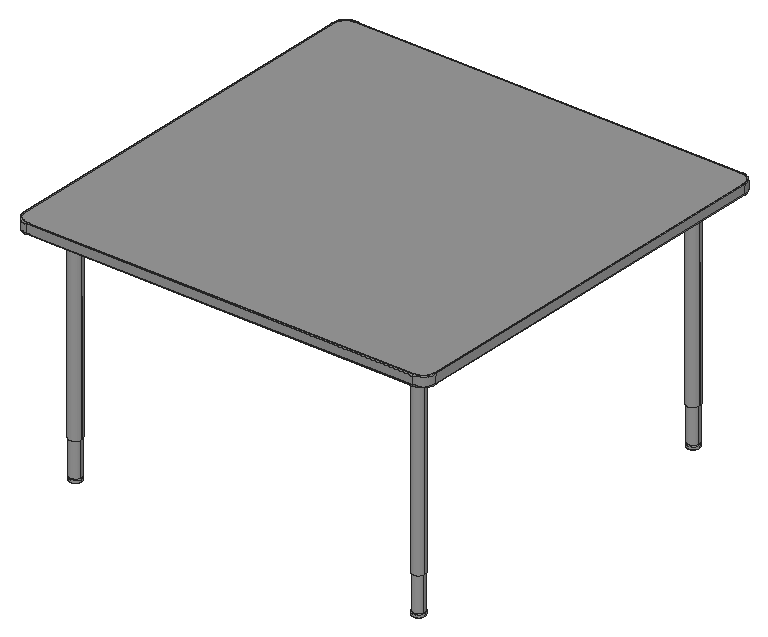
Revit family "Hierarchy Activity 48x48", category Generic Models, Revit 2018
Family settings
  Can host rebar = No
  Round Connector Dimension = Use Diameter
  Part Type = Normal
  Work Plane-Based = No
  Always vertical = Yes
  Cut with Voids When Loaded = No
  Shared = No
  Room Calculation Point = No
Parameters
  Table Height = 2' - 2 1/2"
  Surface = Hierarchy Activity 4848 Surface
  Leg Finish = Shapes Leg Platinum
  Edgeband = Hierarchy Activity 4848 Edgeband
  Caster/Glider = Shapes Leg - Glider : Shapes Leg - Glider
Reference planes (in)
  plane 1 "Center (Front/Back)": y = 0
  plane 2: z = 0
  plane 3 "Center (Left/Right)": x = 0
  plane 4: z = 26.5
Dimensions and locks (in)
  "Table Height": plane 4 to level
  aligned and locked: plane 2 to level
  aligned and locked: nested 1 to plane 4
Nested families (in)
  nested 1: "Activity 48x48 Tabletop" at (0, 0, 2.575), type "Activity 48x48 Tabletop"
  nested 2: "Shapes Leg - Glider" at (-20, 20, 0), Leg Height <- "Table Height", Shapes Leg Finish <- "Leg Finish", type "Shapes Leg - Glider"
    with Shapes Leg Finish Shapes Leg Platinum, Leg Height 2' - 2 1/2"
  nested 3: "Shapes Leg - Glider" at (20, 20, 0), Leg Height <- "Table Height", Shapes Leg Finish <- "Leg Finish", type <- "Caster/Glider", type "Shapes Leg - Glider"
    with Shapes Leg Finish Shapes Leg Platinum, Leg Height 2' - 2 1/2"
  nested 4: "Shapes Leg - Glider" at (20, -20, 0), Leg Height <- "Table Height", Shapes Leg Finish <- "Leg Finish", type <- "Caster/Glider", type "Shapes Leg - Glider"
    with Shapes Leg Finish Shapes Leg Platinum, Leg Height 2' - 2 1/2"
  nested 5: "Shapes Leg - Glider" at (-20, -20, 0), Leg Height <- "Table Height", Shapes Leg Finish <- "Leg Finish", type "Shapes Leg - Glider"
    with Shapes Leg Finish Shapes Leg Platinum, Leg Height 2' - 2 1/2"
Definition of nested family "Activity 48x48 Tabletop"
  Parameters (values of type "Activity 48x48 Tabletop")
    Surface = none
    Edgeband = none
  Reference planes (in)
    plane 1 "Center (Front/Back)": y = 0
    plane 2: z = 0
    plane 3 "Center (Left/Right)": x = 0
  Forms (in)
    Extrusion 1, solid, material <- "Surface"
      sketch origin (0, 3, 0) x (1, 0, 0) y (0, 1, 0)
        loop
          line (22.5, 20.88281) -> (-22.5, 20.88281)
          arc (-22.5, 20.88281) -> (-23.47714, 20.47807) -> (-23.88189, 19.50092) r 1.38189
          line (-23.88189, 19.50092) -> (-23.88189, -25.50092)
          arc (-23.88189, -25.50092) -> (-23.47714, -26.47807) -> (-22.5, -26.88281) r 1.38189
          line (-22.5, -26.88281) -> (22.5, -26.88281)
          arc (22.5, -26.88281) -> (23.47714, -26.47807) -> (23.88189, -25.50092) r 1.38189
          line (23.88189, -25.50092) -> (23.88189, 19.50092)
          arc (23.88189, 19.50092) -> (23.47714, 20.47807) -> (22.5, 20.88281) r 1.38189
      from 23.925 to 25.125
    Sweep 2, solid, material <- "Edgeband"
      path origin (0, 3, 0) x (1, 0, 0) y (0, 1, 0)
        loop
          line (22.5, 20.88281) -> (-22.5, 20.88281)
          arc (-22.5, 20.88281) -> (-23.47714, 20.47807) -> (-23.88189, 19.50092) r 1.38189
          line (-23.88189, 19.50092) -> (-23.88189, -25.50092)
          arc (-23.88189, -25.50092) -> (-23.47714, -26.47807) -> (-22.5, -26.88281) r 1.38189
          line (-22.5, -26.88281) -> (22.5, -26.88281)
          arc (22.5, -26.88281) -> (23.47714, -26.47807) -> (23.88189, -25.50092) r 1.38189
          line (23.88189, -25.50092) -> (23.88189, 19.50092)
          arc (23.88189, 19.50092) -> (23.47714, 20.47807) -> (22.5, 20.88281) r 1.38189
      profile origin (0, 23.88281, 0) x (0, -1, 0) y (0, 0, 1)
        loop
          arc (-0.11811, 24.04311) -> (-0.08352, 23.95959) -> (0, 23.925) r 0.11811
          line (0, 23.925) -> (0, 25.125)
          arc (0, 25.125) -> (-0.08352, 25.09041) -> (-0.11811, 25.00689) r 0.11811
          line (-0.11811, 25.00689) -> (-0.11811, 24.04311)
  Dimensions and locks (in)
    aligned and locked: plane 2 to level
Definition of nested family "Shapes Leg - Glider"
  Parameters (values of type "Shapes Leg - Glider")
    Shapes Leg Finish [instance] = none
    Leg Height [instance] = 2' - 4 1/2"
  Reference planes (in)
    plane 1 "Center (Front/Back)": y = 0
    plane 2: z = 0
    plane 3 "Center (Left/Right)": x = 0
  Forms (in)
    Extrusion 1, solid
      sketch origin (-0.01562, 0, 0) x (1, 0, 0) y (0, 1, 0)
        loop
          circle (0.01563, 0) r 0.64906
      from 0.50586 to 20.17439
  Dimensions and locks (in)
    "Leg Height": nested 2 to level
    aligned and locked: plane 2 to level
  Automatic sketch dimensions
    plane 1 "Center (Front/Back)" to Extrusion 1 sketch curve = 0' - 0"
    Extrusion 1 sketch curve to plane 3 "Center (Left/Right)" = 0' - 0"
    radius of Extrusion 1 sketch curve = 0' - 0.64906"
  Nested families (in)
    nested 1: "Glider" at (0, 0, 0), type "Glider"
    nested 2: "Shapes Upper Leg" at (0, 0, 0), Shapes Leg Finish <- "Shapes Leg Finish", type "Shapes Upper Leg"
      with Shapes Leg Finish none
  Definition of nested family "Glider"
    Reference planes (in)
      plane 1 "Center (Front/Back)": y = 0
      plane 2: z = 0
      plane 3 "Center (Left/Right)": x = 0
    Forms (in)
      Revolve 1, solid
        sketch origin (0, 0, 0) x (1, 0, 0) y (0, 0, 1)
          loop
            line (0.26614, 0.50586) -> (0, 0.50586) -> (0, 0.09994) -> (0.71656, 0.09994) -> (0.71656, 0.37634)
            arc (0.71656, 0.37634) -> (0.70181, 0.41548) -> (0.66511, 0.43552) r 0.06011
            arc (0.66511, 0.43552) -> (0.46609, 0.45951) -> (0.26614, 0.47365) r 4.06535
            line (0.26614, 0.47365) -> (0.26614, 0.50586)
          axis (0, 0.50586) -> (0, 0.09994)
        angle from 0 to 360
      Revolve 2, solid
        sketch origin (0, 0, 0) x (1, 0, 0) y (0, 0, 1)
          loop
            line (0.65534, 0.1212) -> (0, 0.1212) -> (0, 0) -> (0.57593, 0)
            arc (0.57593, 0) -> (0.63208, 0.02326) -> (0.65534, 0.07941) r 0.07941
            line (0.65534, 0.07941) -> (0.65534, 0.1212)
          axis (0, 0.1212) -> (0, 0)
        angle from 0 to 360
    Dimensions and locks (in)
      aligned and locked: plane 2 to level
  Definition of nested family "Shapes Upper Leg"
    Parameters (values of type "Shapes Upper Leg")
      Shapes Leg Finish [instance] = none
    Reference planes (in)
      plane 1 "Center (Front/Back)": y = 0
      plane 2: z = 0
      plane 3 "Center (Left/Right)": x = 0
    Forms (in)
      Extrusion 1, solid, material <- "Shapes Leg Finish"
        sketch origin (0, 0, 0) x (1, 0, 0) y (0, 1, 0)
          loop
            circle (0, 0) r 0.75
        from 6.5 to 28.5
    Dimensions and locks (in)
      aligned and locked: plane 2 to level
